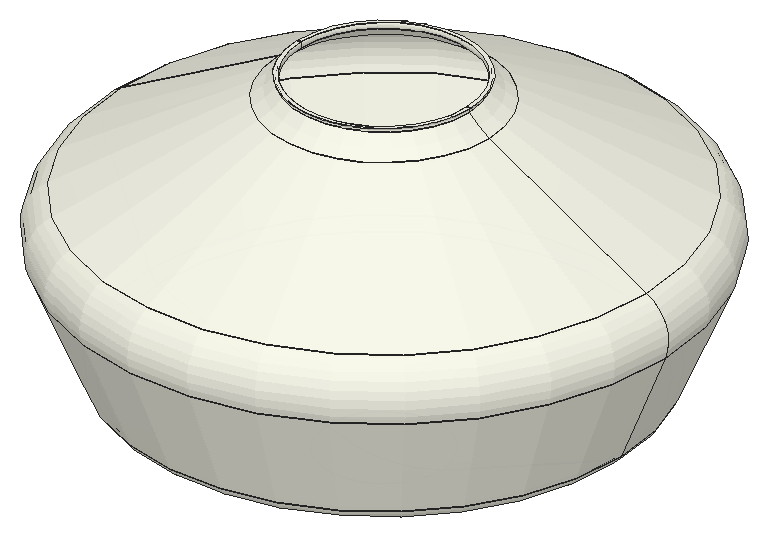
Revit family "SHO18", category Generic Models, Revit 2024
Family settings
  Can host rebar = No
  Round Connector Dimension = Use Diameter
  Part Type = Normal
  Work Plane-Based = No
  Always vertical = Yes
  Cut with Voids When Loaded = No
  Maintain Annotation Orientation = No
  Shared = No
  Room Calculation Point = No
Parameters
  Default Elevation = 0' - 0"
Reference planes (in)
  plane 1 "Center (Front/Back)": y = 0
  plane 2: z = 0
  plane 3 "Center (Left/Right)": x = 0
Forms (in)
  Revolve 1, solid, material "OPAL"
    sketch origin (0, 0, 0) x (1, 0, 0) y (0, 0, 1)
      loop
        arc (2.70494, 40.68099) -> (2.70053, 40.75555) -> (2.75308, 40.80861) r 0.09162
        line (2.75308, 40.80861) -> (2.62173, 40.80861)
        arc (2.62173, 40.80861) -> (2.601, 40.71666) -> (2.62817, 40.6264) r 0.18537
        arc (2.62817, 40.6264) -> (2.93338, 40.32803) -> (3.2834, 40.08378) r 2.59258
        line (3.2834, 40.08378) -> (8.27803, 37.43646)
        arc (8.27803, 37.43646) -> (8.84254, 36.78197) -> (8.81517, 35.9181) r 1.18988
        line (8.81517, 35.9181) -> (7.42231, 32.65425)
        arc (7.42231, 32.65425) -> (7.30286, 32.47894) -> (7.12579, 32.36212) r 0.54806
        arc (7.12579, 32.36212) -> (4.4307, 31.39027) -> (1.81327, 30.22531) r 39.43356
        arc (1.81327, 30.22531) -> (0.92216, 29.97329) -> (0, 29.88833) r 5.04707
        line (0, 29.88833) -> (0, 29.79458)
        arc (0, 29.79458) -> (0.94132, 29.88149) -> (1.85081, 30.1393) r 5.14082
        arc (1.85081, 30.1393) -> (4.46543, 31.30319) -> (7.15774, 32.27392) r 39.33981
        arc (7.15774, 32.27392) -> (7.36729, 32.41081) -> (7.50854, 32.61745) r 0.64181
        line (7.50854, 32.61745) -> (8.9014, 35.8813)
        arc (8.9014, 35.8813) -> (8.93092, 36.81324) -> (8.32193, 37.51929) r 1.28363
        line (8.32193, 37.51929) -> (3.32896, 40.16574)
        arc (3.32896, 40.16574) -> (2.99595, 40.39794) -> (2.70494, 40.68099) r 2.49883
      axis (0, 40.80861) -> (0, 29.79458)
    angle from 0 to 360
Dimensions and locks (in)
  aligned and locked: plane 2 to level
